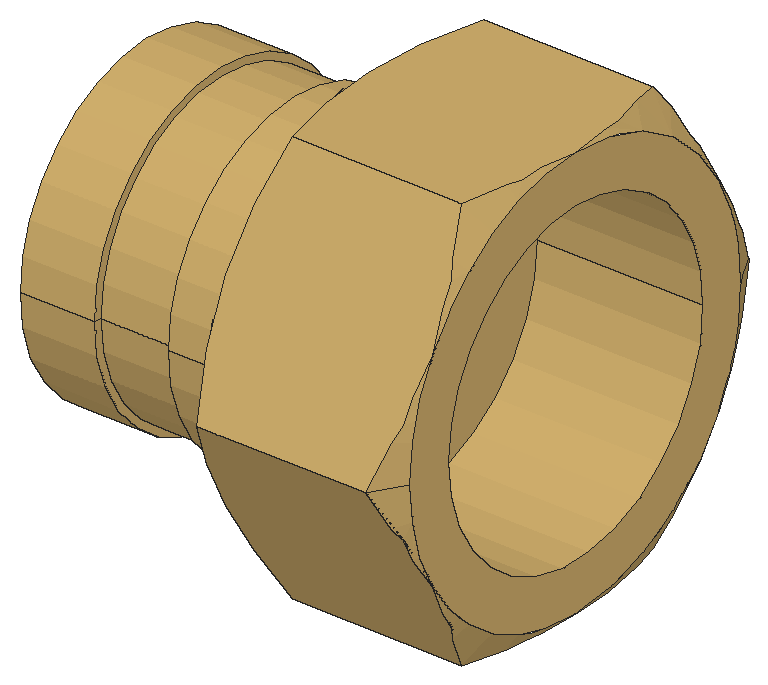
Revit family "PEX_Conector_FemeMove", category Pipe Fittings, Revit 2025
Family settings
  Round Connector Dimension = Use Radius
  Part Type = Cap
  OmniClass Number = 23.60.30.11.14
  OmniClass Title = Pipework Fittings
  Work Plane-Based = No
  Always vertical = Yes
  Cut with Voids When Loaded = No
  Shared = No
Parameters
  URL = "https://www.ultrapex.com.br/_files/ugd/9f3173_32d47a29bbff48b5af4781a5d529eee8.pdf"
  ULTRAPEX: Versão = "01"  # constant formula
  ULTRAPEX: Norma Técnica = "NBR 15939"  # constant formula
  ULTRAPEX: Descrição [instance] = size_lookup(LookupTable, "DES", "Produto Inexistente", DN1, DN2)  # "Conector Móvel Fêmea 16x1/2\" - ULTRAPEX"
  ULTRAPEX: Código [instance] = size_lookup(LookupTable, "COD", 0, DN1, DN2)  # 9011612
  Type Image = Conector Móvel Fêmea.jpg
  RN2 [instance] = 10 mm
  RN1 [instance] = 8 mm
  Material = Latão - Ultrapex
  LookupTable = "Conector Móvel Fêmea - ULTRAPEX"
  Lado Conector [instance] = 2 * ((Cota A / 2) * cos(60.00°))  # 15.05 mm
  IfcExportAs = "IfcPipeFittingType.CONNECTOR"  # constant formula
  Manufacturer = "UltraPEX"  # constant formula
  Default Elevation = 0.0 mm
  Description = "Conector Fêmea Móvel - ULTRAPEX"
  DN3 [instance] = ((Cota A / 2) * sin(60.00°))  # 13.034 mm
  DN2 Nominal [instance] = RN2 * 2  # 20 mm
  DN2 [instance] = if(DN2 Nominal = 20 mm, 20.1 mm, if(DN2 Nominal = 25 mm, 26.4 mm, if(DN2 Nominal = 32 mm, 33.4 mm, 20 mm)))  # 20.1 mm
  DN1 [instance] = RN1 * 2  # 16 mm
  Cota C [instance] = size_lookup(LookupTable, "C", 10.5 mm, DN1, DN2) + 2.5 mm  # 13.0 mm
  Cota A [instance] = size_lookup(LookupTable, "A", 26.2 mm, DN1, DN2)  # 30.1 mm
Reference planes
  plane 1 "Centro (Frente/Trás)": y = 0
  plane 2: z = 0.458
  plane 3 "Centro (Esquerda/Direita)": x = 0
  plane 4: x = 13
Forms (mm)
  Extrusion 1, solid, material "Latão - Ultrapex" <- "Material", detail levels fine
    sketch origin (0, 0.938, 0) x (0, 1, 0) y (0, 0, 1)
      loop
        line (6.588, -12.576) -> (14.113, 0.458) -> (6.588, 13.491) -> (-8.463, 13.491) -> (-15.988, 0.458) -> (-8.462, -12.576) -> (6.588, -12.576)
    from 0 to 13 <- "Cota C"
  Extrusion 2, void
    sketch origin (0, 0, 0) x (0, 1, 0) y (0, 0, 1)
      loop
        circle (0, 0.458) r 10.05
    from 13 <- "Cota C" to 2.5
  Sweep 3, void
    path origin (0, 0.938, 0) x (0, 1, 0) y (0, 0, 1)
      loop
        circle (-0.938, 0.458) r 13.034
    profile origin (0, 0, 13.491) x (0, 0, -1) y (1, 0, 0)
      loop
        line (2.015, -1.163) -> (-3.651, 2.108) -> (-3.651, -1.163) -> (2.015, -1.163)
  Sweep 4, void
    path origin (13, -21.15, 4000.458) x (0, -1, 0) y (0, 0, 1)
      loop
        circle (-21.15, -4000) r 13.034
    profile origin (13, 0, -12.576) x (0, 0, -1) y (-1, 0, 0)
      loop
        line (-2.015, -1.163) -> (3.651, -1.163) -> (3.651, 2.108) -> (-2.015, -1.163)
Cuts and joins
  Extrusion 2, Sweep 3, Sweep 4 cuts Extrusion 1
Lines and regions (mm)
  model lines, detail levels coarse+medium
    curve 1: line (0, 0, 0.458) -> (10.3, 0, 0.458)
Dimensions and locks
  equal spacing: Extrusion 1 sketch curve, plane 2, Extrusion 1 sketch curve
  "Lado Conector": Extrusion 1 sketch curve to Extrusion 1 sketch curve  (x5)
  Extrusion 1 sketch curve to Extrusion 1 sketch curve = 15.05 mm
  "Cota C": plane 3 "Centro (Esquerda/Direita)" to plane 4
  equal spacing: Extrusion 1 sketch curve, plane 1 "Centro (Frente/Trás)", Extrusion 1 sketch curve
  "DN2": diameter of Extrusion 2 sketch curve
  "DN3": radius of Sweep 3 sketch curve
  "DN3": radius of Sweep 4 sketch curve
  locked: Extrusion 1 sketch curve to Extrusion 1 sketch curve (angle 120.00°)  (x4)
  angle Extrusion 1 sketch curve to Extrusion 1 sketch curve = 120.00°
  aligned and locked: plane 2 to level
  aligned and locked: plane 3 "Centro (Esquerda/Direita)" to nested 1
Automatic sketch dimensions
  plane 1 "Centro (Frente/Trás)" to curve 1 = 0.0 mm
  curve 1 to plane 3 "Centro (Esquerda/Direita)" = 0.0 mm
  plane 4 to curve 1 = 2.7 mm
  profile plane to Sweep 3 sketch curve = 3.651 mm
  Sweep 3 sketch curve to profile plane = 2.015 mm
  Sweep 3 sketch curve to profile plane = 1.163 mm
  profile plane to Sweep 3 sketch curve = 2.108 mm
  profile plane to Sweep 4 sketch curve = 2.015 mm
  Sweep 4 sketch curve to plane 4 = 1.163 mm
  Sweep 4 sketch curve to profile plane = 3.651 mm
  plane 4 to Sweep 4 sketch curve = 2.108 mm
  Extrusion 2 sketch curve to level = 0.0 mm
  Extrusion 2 sketch curve to plane 1 "Centro (Frente/Trás)" = 0.0 mm
  Sweep 3 sketch curve to level = 0.0 mm
  Sweep 3 sketch curve to plane 1 "Centro (Frente/Trás)" = 0.0 mm
  Sweep 4 sketch curve to level = 0.0 mm
  Sweep 4 sketch curve to plane 1 "Centro (Frente/Trás)" = 0.0 mm
Nested families
  nested 1: "Anel Deslizante - ULTRAPEX" at (0, 0, 0.458) x (0, 1, 0) z (0, 0, 1), Diâmetro Nominal <- "DN1", type "Anel Deslizante - ULTRAPEX"
    with ULTRAPEX: Descrição "Anel Deslizante 16 mm - ULTRAPEX", ULTRAPEX: Código 9040016, Diâmetro Nominal 16 mm, DN 16.0 mm, Cota C 4.667 mm, Cota B 14.0 mm, Cota A 20.0 mm
Connectors
  piping at (0, 0, 0.458), diameter 16, driven by "RN1"
    settings: on nested 1, index 1, connector inside diameter 609.6 mm, connector length 0.0 mm, flow factor 0, pipe flow 0.0 L/s, pressure drop 0.0 Pa, fitting loss kfactor 0, connector angle 0.00°, fixture units 0, engagement length 0.0 mm, angle of deflection 0.00°, flow configuration 0, flow direction 0, fitting loss method 0, system type 28, joint type 0, gender type 0, connector reference index -1, connector utility 0, adjustable connector no, is connector primary yes, connector description ""
  piping at (2.5, 0, 0.458), diameter 20, driven by "RN2"
    settings: on cut or joined group of Extrusion 1, Extrusion 2, Sweep 3, Sweep 4, index 2, connector inside diameter 609.6 mm, connector length 0.0 mm, flow factor 0, pipe flow 0.0 L/s, pressure drop 0.0 Pa, fitting loss kfactor 0, connector angle 0.00°, fixture units 0, engagement length 0.0 mm, angle of deflection 0.00°, flow configuration 0, flow direction 0, fitting loss method 0, system type 28, joint type 0, gender type 0, connector reference index -1, connector utility 0, adjustable connector no, is connector primary no, connector description ""
Definition of nested family "Anel Deslizante - ULTRAPEX"
  Parameters (values of type "ANEL DESLIZANTE 16mm")
    URL = "https://www.ultrapex.com.br/_files/ugd/9f3173_32d47a29bbff48b5af4781a5d529eee8.pdf"
    ULTRAPEX: Versão = "00"  # constant formula
    ULTRAPEX: Norma Técnica = "NBR 15939"  # constant formula
    ULTRAPEX: Descrição [instance] = size_lookup(LookupTable, "DES", "Produto Inexistente", Diâmetro Nominal)  # "Anel Deslizante 16 mm - ULTRAPEX"
    ULTRAPEX: Código [instance] = size_lookup(LookupTable, "COD", 0, Diâmetro Nominal)  # 9040016
    Type Image = element 358895
    Material = none
    LookupTable = "Anel Deslizante - ULTRAPEX"  # constant formula
    IfcExportAs = "IfcPipeFittingType.CONNECTOR"  # constant formula
    Manufacturer = "UltraPEX"  # constant formula
    Default Elevation = 0.0 mm
    Diâmetro Nominal [instance] = 16 mm
    Description = "Anel Deslizante - ULTRAPEX"
    DN [instance] = size_lookup(LookupTable, "DN", 16.0 mm, Diâmetro Nominal)  # 16.0 mm
    Cota C [instance] = Cota B / 3  # 4.667 mm
    Cota B [instance] = size_lookup(LookupTable, "B", 14.0 mm, Diâmetro Nominal)  # 14.0 mm
    Cota A [instance] = size_lookup(LookupTable, "A", 20.0 mm, Diâmetro Nominal)  # 20.0 mm
  Reference planes
    plane 1 "Centro (Frente/Trás)": y = 0
    plane 2: z = 0
    plane 3 "Centro (Esquerda/Direita)": x = 0
    plane 4: x = 8
    plane 5: x = -8
    plane 6: x = -10
    plane 7: x = 10
    plane 8: y = 14
  Forms (mm)
    Revolve 1, solid, material <- "Material", detail levels fine
      sketch origin (0, 0, 0) x (1, 0, 0) y (0, 1, 0)
        loop
          line (10, 0) -> (10, 14) -> (8, 14) -> (8, 0) -> (10, 0)
        axis (0, 0) -> (0, 14)
      angle from 0 to 360
    Revolve 2, void
      sketch origin (0, 0, 0) x (1, 0, 0) y (0, 1, 0)
        loop
          line (-10.952, 9.333) -> (-10.952, 4.667) -> (-9.524, 4.667) -> (-9.524, 9.333) -> (-10.952, 9.333)
        axis (0, 4.667) -> (0, 9.333)
      angle from 0 to 360
  Cuts and joins
    Revolve 2 cuts Revolve 1
  Lines and regions (mm)
    model lines, detail levels coarse+medium
      curve 1: line (0, 0, 0) -> (0, 14, 0)
  Dimensions and locks
    "DN": plane 5 to plane 4
    "Cota A": plane 6 to plane 7
    equal spacing: plane 6, plane 3 "Centro (Esquerda/Direita)", plane 7
    equal spacing: plane 5, plane 3 "Centro (Esquerda/Direita)", plane 4
    "Cota B": plane 1 "Centro (Frente/Trás)" to plane 8
    "Cota C": Revolve 2 sketch curve to plane 8
    "Cota C": plane 1 "Centro (Frente/Trás)" to Revolve 2 sketch curve
    locked: plane 6 to Revolve 2 sketch curve at 0.476
    locked: Revolve 2 sketch curve to Revolve 2 sketch curve at 1.428
    aligned and locked: level to plane 2
    aligned and locked: plane 3 "Centro (Esquerda/Direita)" to Revolve 1 sketch curve
    aligned and locked: Revolve 1 sketch curve to plane 7
    aligned and locked: plane 4 to Revolve 1 sketch curve
    aligned and locked: plane 1 "Centro (Frente/Trás)" to Revolve 1 sketch curve
    aligned and locked: plane 8 to Revolve 1 sketch curve
    aligned and locked: plane 8 to curve 1
    aligned and locked: plane 1 "Centro (Frente/Trás)" to curve 1
  Automatic sketch dimensions
    plane 1 "Centro (Frente/Trás)" to Revolve 1 sketch curve = 0.0 mm
    Revolve 1 sketch curve to Revolve 1 sketch curve = 0.0 mm
    curve 1 to plane 3 "Centro (Esquerda/Direita)" = 0.0 mm
    Revolve 2 sketch curve to plane 3 "Centro (Esquerda/Direita)" = 0.0 mm
    plane 1 "Centro (Frente/Trás)" to Revolve 2 sketch curve = 0.0 mm
    plane 8 to Revolve 2 sketch curve = 2.253 mm
